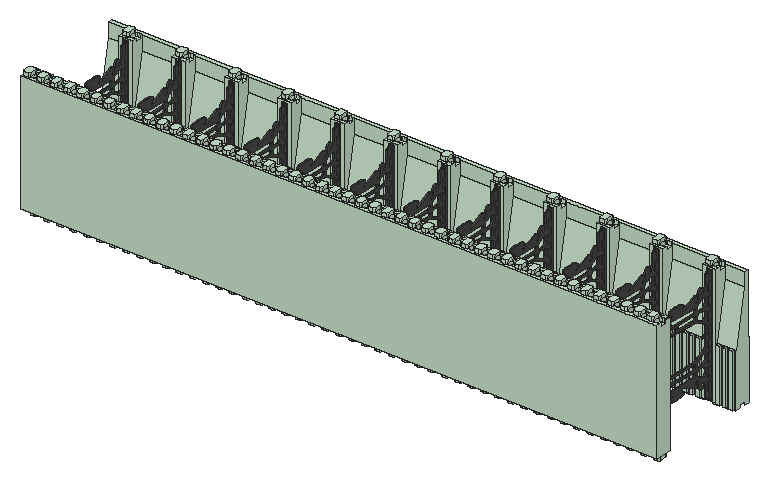
Revit family (continued)
Forms (in)
  Extrusion 51, void
    sketch origin (86, 0, 0) x (-1, 0, 0) y (0, -1, 0)
      loop
        arc (1, -4.89808) -> (1.04785, -5.04517) -> (1.17308, -5.13595) r 0.25
        arc (1.17308, -5.13595) -> (1.5, -5.1875) -> (1.82692, -5.13595) r 1.0625
        arc (1.82692, -5.13595) -> (1.95215, -5.04517) -> (2, -4.89808) r 0.25
        line (2, -4.89808) -> (2, -3.97692)
        arc (2, -3.97692) -> (1.98276, -3.88568) -> (1.9334, -3.80702) r 0.25
        arc (1.9334, -3.80702) -> (1.92106, -3.78736) -> (1.91675, -3.76455) r 0.0625
        line (1.91675, -3.76455) -> (1.91675, -3.41845) -> (1.74592, -3.41845) -> (1.74592, -3.64005)
        arc (1.74592, -3.64005) -> (1.72385, -3.68771) -> (1.67323, -3.70172) r 0.0625
        arc (1.67323, -3.70172) -> (1.42092, -3.69045) -> (1.17308, -3.73905) r 1.0625
        arc (1.17308, -3.73905) -> (1.04785, -3.82983) -> (1, -3.97692) r 0.25
        line (1, -3.97692) -> (1, -4.89808)
    from 18 to 17.5
  Extrusion 52, void
    sketch origin (78, 0, 0) x (-1, 0, 0) y (0, -1, 0)
      loop
        arc (1, -4.89808) -> (1.04785, -5.04517) -> (1.17308, -5.13595) r 0.25
        arc (1.17308, -5.13595) -> (1.5, -5.1875) -> (1.82692, -5.13595) r 1.0625
        arc (1.82692, -5.13595) -> (1.95215, -5.04517) -> (2, -4.89808) r 0.25
        line (2, -4.89808) -> (2, -3.97692)
        arc (2, -3.97692) -> (1.98276, -3.88568) -> (1.9334, -3.80702) r 0.25
        arc (1.9334, -3.80702) -> (1.92106, -3.78736) -> (1.91675, -3.76455) r 0.0625
        line (1.91675, -3.76455) -> (1.91675, -3.41845) -> (1.74592, -3.41845) -> (1.74592, -3.64005)
        arc (1.74592, -3.64005) -> (1.72385, -3.68771) -> (1.67323, -3.70172) r 0.0625
        arc (1.67323, -3.70172) -> (1.42092, -3.69045) -> (1.17308, -3.73905) r 1.0625
        arc (1.17308, -3.73905) -> (1.04785, -3.82983) -> (1, -3.97692) r 0.25
        line (1, -3.97692) -> (1, -4.89808)
    from 18 to 17.5
  Extrusion 53, void
    sketch origin (70, 0, 0) x (-1, 0, 0) y (0, -1, 0)
      loop
        arc (1, -4.89808) -> (1.04785, -5.04517) -> (1.17308, -5.13595) r 0.25
        arc (1.17308, -5.13595) -> (1.5, -5.1875) -> (1.82692, -5.13595) r 1.0625
        arc (1.82692, -5.13595) -> (1.95215, -5.04517) -> (2, -4.89808) r 0.25
        line (2, -4.89808) -> (2, -3.97692)
        arc (2, -3.97692) -> (1.98276, -3.88568) -> (1.9334, -3.80702) r 0.25
        arc (1.9334, -3.80702) -> (1.92106, -3.78736) -> (1.91675, -3.76455) r 0.0625
        line (1.91675, -3.76455) -> (1.91675, -3.41845) -> (1.74592, -3.41845) -> (1.74592, -3.64005)
        arc (1.74592, -3.64005) -> (1.72385, -3.68771) -> (1.67323, -3.70172) r 0.0625
        arc (1.67323, -3.70172) -> (1.42092, -3.69045) -> (1.17308, -3.73905) r 1.0625
        arc (1.17308, -3.73905) -> (1.04785, -3.82983) -> (1, -3.97692) r 0.25
        line (1, -3.97692) -> (1, -4.89808)
    from 18 to 17.5
  Extrusion 54, void
    sketch origin (62, 0, 0) x (-1, 0, 0) y (0, -1, 0)
      loop
        arc (1, -4.89808) -> (1.04785, -5.04517) -> (1.17308, -5.13595) r 0.25
        arc (1.17308, -5.13595) -> (1.5, -5.1875) -> (1.82692, -5.13595) r 1.0625
        arc (1.82692, -5.13595) -> (1.95215, -5.04517) -> (2, -4.89808) r 0.25
        line (2, -4.89808) -> (2, -3.97692)
        arc (2, -3.97692) -> (1.98276, -3.88568) -> (1.9334, -3.80702) r 0.25
        arc (1.9334, -3.80702) -> (1.92106, -3.78736) -> (1.91675, -3.76455) r 0.0625
        line (1.91675, -3.76455) -> (1.91675, -3.41845) -> (1.74592, -3.41845) -> (1.74592, -3.64005)
        arc (1.74592, -3.64005) -> (1.72385, -3.68771) -> (1.67323, -3.70172) r 0.0625
        arc (1.67323, -3.70172) -> (1.42092, -3.69045) -> (1.17308, -3.73905) r 1.0625
        arc (1.17308, -3.73905) -> (1.04785, -3.82983) -> (1, -3.97692) r 0.25
        line (1, -3.97692) -> (1, -4.89808)
    from 18 to 17.5
  Extrusion 55, void
    sketch origin (54, 0, 0) x (-1, 0, 0) y (0, -1, 0)
      loop
        arc (1, -4.89808) -> (1.04785, -5.04517) -> (1.17308, -5.13595) r 0.25
        arc (1.17308, -5.13595) -> (1.5, -5.1875) -> (1.82692, -5.13595) r 1.0625
        arc (1.82692, -5.13595) -> (1.95215, -5.04517) -> (2, -4.89808) r 0.25
        line (2, -4.89808) -> (2, -3.97692)
        arc (2, -3.97692) -> (1.98276, -3.88568) -> (1.9334, -3.80702) r 0.25
        arc (1.9334, -3.80702) -> (1.92106, -3.78736) -> (1.91675, -3.76455) r 0.0625
        line (1.91675, -3.76455) -> (1.91675, -3.41845) -> (1.74592, -3.41845) -> (1.74592, -3.64005)
        arc (1.74592, -3.64005) -> (1.72385, -3.68771) -> (1.67323, -3.70172) r 0.0625
        arc (1.67323, -3.70172) -> (1.42092, -3.69045) -> (1.17308, -3.73905) r 1.0625
        arc (1.17308, -3.73905) -> (1.04785, -3.82983) -> (1, -3.97692) r 0.25
        line (1, -3.97692) -> (1, -4.89808)
    from 18 to 17.5
  Extrusion 56, void
    sketch origin (46, 0, 0) x (-1, 0, 0) y (0, -1, 0)
      loop
        arc (1, -4.89808) -> (1.04785, -5.04517) -> (1.17308, -5.13595) r 0.25
        arc (1.17308, -5.13595) -> (1.5, -5.1875) -> (1.82692, -5.13595) r 1.0625
        arc (1.82692, -5.13595) -> (1.95215, -5.04517) -> (2, -4.89808) r 0.25
        line (2, -4.89808) -> (2, -3.97692)
        arc (2, -3.97692) -> (1.98276, -3.88568) -> (1.9334, -3.80702) r 0.25
        arc (1.9334, -3.80702) -> (1.92106, -3.78736) -> (1.91675, -3.76455) r 0.0625
        line (1.91675, -3.76455) -> (1.91675, -3.41845) -> (1.74592, -3.41845) -> (1.74592, -3.64005)
        arc (1.74592, -3.64005) -> (1.72385, -3.68771) -> (1.67323, -3.70172) r 0.0625
        arc (1.67323, -3.70172) -> (1.42092, -3.69045) -> (1.17308, -3.73905) r 1.0625
        arc (1.17308, -3.73905) -> (1.04785, -3.82983) -> (1, -3.97692) r 0.25
        line (1, -3.97692) -> (1, -4.89808)
    from 18 to 17.5
  Extrusion 57, void
    sketch origin (38, 0, 0) x (-1, 0, 0) y (0, -1, 0)
      loop
        arc (1, -4.89808) -> (1.04785, -5.04517) -> (1.17308, -5.13595) r 0.25
        arc (1.17308, -5.13595) -> (1.5, -5.1875) -> (1.82692, -5.13595) r 1.0625
        arc (1.82692, -5.13595) -> (1.95215, -5.04517) -> (2, -4.89808) r 0.25
        line (2, -4.89808) -> (2, -3.97692)
        arc (2, -3.97692) -> (1.98276, -3.88568) -> (1.9334, -3.80702) r 0.25
        arc (1.9334, -3.80702) -> (1.92106, -3.78736) -> (1.91675, -3.76455) r 0.0625
        line (1.91675, -3.76455) -> (1.91675, -3.41845) -> (1.74592, -3.41845) -> (1.74592, -3.64005)
        arc (1.74592, -3.64005) -> (1.72385, -3.68771) -> (1.67323, -3.70172) r 0.0625
        arc (1.67323, -3.70172) -> (1.42092, -3.69045) -> (1.17308, -3.73905) r 1.0625
        arc (1.17308, -3.73905) -> (1.04785, -3.82983) -> (1, -3.97692) r 0.25
        line (1, -3.97692) -> (1, -4.89808)
    from 18 to 17.5
  Extrusion 58, void
    sketch origin (30, 0, 0) x (-1, 0, 0) y (0, -1, 0)
      loop
        arc (1, -4.89808) -> (1.04785, -5.04517) -> (1.17308, -5.13595) r 0.25
        arc (1.17308, -5.13595) -> (1.5, -5.1875) -> (1.82692, -5.13595) r 1.0625
        arc (1.82692, -5.13595) -> (1.95215, -5.04517) -> (2, -4.89808) r 0.25
        line (2, -4.89808) -> (2, -3.97692)
        arc (2, -3.97692) -> (1.98276, -3.88568) -> (1.9334, -3.80702) r 0.25
        arc (1.9334, -3.80702) -> (1.92106, -3.78736) -> (1.91675, -3.76455) r 0.0625
        line (1.91675, -3.76455) -> (1.91675, -3.41845) -> (1.74592, -3.41845) -> (1.74592, -3.64005)
        arc (1.74592, -3.64005) -> (1.72385, -3.68771) -> (1.67323, -3.70172) r 0.0625
        arc (1.67323, -3.70172) -> (1.42092, -3.69045) -> (1.17308, -3.73905) r 1.0625
        arc (1.17308, -3.73905) -> (1.04785, -3.82983) -> (1, -3.97692) r 0.25
        line (1, -3.97692) -> (1, -4.89808)
    from 18 to 17.5
  Extrusion 59, void
    sketch origin (22, 0, 0) x (-1, 0, 0) y (0, -1, 0)
      loop
        arc (1, -4.89808) -> (1.04785, -5.04517) -> (1.17308, -5.13595) r 0.25
        arc (1.17308, -5.13595) -> (1.5, -5.1875) -> (1.82692, -5.13595) r 1.0625
        arc (1.82692, -5.13595) -> (1.95215, -5.04517) -> (2, -4.89808) r 0.25
        line (2, -4.89808) -> (2, -3.97692)
        arc (2, -3.97692) -> (1.98276, -3.88568) -> (1.9334, -3.80702) r 0.25
        arc (1.9334, -3.80702) -> (1.92106, -3.78736) -> (1.91675, -3.76455) r 0.0625
        line (1.91675, -3.76455) -> (1.91675, -3.41845) -> (1.74592, -3.41845) -> (1.74592, -3.64005)
        arc (1.74592, -3.64005) -> (1.72385, -3.68771) -> (1.67323, -3.70172) r 0.0625
        arc (1.67323, -3.70172) -> (1.42092, -3.69045) -> (1.17308, -3.73905) r 1.0625
        arc (1.17308, -3.73905) -> (1.04785, -3.82983) -> (1, -3.97692) r 0.25
        line (1, -3.97692) -> (1, -4.89808)
    from 18 to 17.5
  Extrusion 60, void
    sketch origin (14, 0, 0) x (-1, 0, 0) y (0, -1, 0)
      loop
        arc (1, -4.89808) -> (1.04785, -5.04517) -> (1.17308, -5.13595) r 0.25
        arc (1.17308, -5.13595) -> (1.5, -5.1875) -> (1.82692, -5.13595) r 1.0625
        arc (1.82692, -5.13595) -> (1.95215, -5.04517) -> (2, -4.89808) r 0.25
        line (2, -4.89808) -> (2, -3.97692)
        arc (2, -3.97692) -> (1.98276, -3.88568) -> (1.9334, -3.80702) r 0.25
        arc (1.9334, -3.80702) -> (1.92106, -3.78736) -> (1.91675, -3.76455) r 0.0625
        line (1.91675, -3.76455) -> (1.91675, -3.41845) -> (1.74592, -3.41845) -> (1.74592, -3.64005)
        arc (1.74592, -3.64005) -> (1.72385, -3.68771) -> (1.67323, -3.70172) r 0.0625
        arc (1.67323, -3.70172) -> (1.42092, -3.69045) -> (1.17308, -3.73905) r 1.0625
        arc (1.17308, -3.73905) -> (1.04785, -3.82983) -> (1, -3.97692) r 0.25
        line (1, -3.97692) -> (1, -4.89808)
    from 18 to 17.5
  Extrusion 61, void
    sketch origin (6, 0, 0) x (-1, 0, 0) y (0, -1, 0)
      loop
        arc (1, -4.89808) -> (1.04785, -5.04517) -> (1.17308, -5.13595) r 0.25
        arc (1.17308, -5.13595) -> (1.5, -5.1875) -> (1.82692, -5.13595) r 1.0625
        arc (1.82692, -5.13595) -> (1.95215, -5.04517) -> (2, -4.89808) r 0.25
        line (2, -4.89808) -> (2, -3.97692)
        arc (2, -3.97692) -> (1.98276, -3.88568) -> (1.9334, -3.80702) r 0.25
        arc (1.9334, -3.80702) -> (1.92106, -3.78736) -> (1.91675, -3.76455) r 0.0625
        line (1.91675, -3.76455) -> (1.91675, -3.41845) -> (1.74592, -3.41845) -> (1.74592, -3.64005)
        arc (1.74592, -3.64005) -> (1.72385, -3.68771) -> (1.67323, -3.70172) r 0.0625
        arc (1.67323, -3.70172) -> (1.42092, -3.69045) -> (1.17308, -3.73905) r 1.0625
        arc (1.17308, -3.73905) -> (1.04785, -3.82983) -> (1, -3.97692) r 0.25
        line (1, -3.97692) -> (1, -4.89808)
    from 18 to 17.5
  Extrusion 62, void
    sketch origin (2, -6, 0) x (-1, 0, 0) y (0, -1, 0)
      loop
        line (1, 4.89808) -> (1, 3.97692)
        arc (1, 3.97692) -> (1.04785, 3.82983) -> (1.17308, 3.73905) r 0.25
        arc (1.17308, 3.73905) -> (1.42092, 3.69045) -> (1.67323, 3.70172) r 1.0625
        arc (1.67323, 3.70172) -> (1.72385, 3.68771) -> (1.74592, 3.64005) r 0.0625
        line (1.74592, 3.64005) -> (1.74592, 3.41845) -> (1.91675, 3.41845) -> (1.91675, 3.76455)
        arc (1.91675, 3.76455) -> (1.92106, 3.78736) -> (1.9334, 3.80702) r 0.0625
        arc (1.9334, 3.80702) -> (1.98276, 3.88568) -> (2, 3.97692) r 0.25
        line (2, 3.97692) -> (2, 4.89808)
        arc (2, 4.89808) -> (1.95215, 5.04517) -> (1.82692, 5.13595) r 0.25
        arc (1.82692, 5.13595) -> (1.5, 5.1875) -> (1.17308, 5.13595) r 1.0625
        arc (1.17308, 5.13595) -> (1.04785, 5.04517) -> (1, 4.89808) r 0.25
    from 0 to 0.5
  Extrusion 63, void
    sketch origin (4, -6, 0) x (-1, 0, 0) y (0, -1, 0)
      loop
        line (1, 4.89808) -> (1, 3.97692)
        arc (1, 3.97692) -> (1.04785, 3.82983) -> (1.17308, 3.73905) r 0.25
        arc (1.17308, 3.73905) -> (1.42092, 3.69045) -> (1.67323, 3.70172) r 1.0625
        arc (1.67323, 3.70172) -> (1.72385, 3.68771) -> (1.74592, 3.64005) r 0.0625
        line (1.74592, 3.64005) -> (1.74592, 3.41845) -> (1.91675, 3.41845) -> (1.91675, 3.76455)
        arc (1.91675, 3.76455) -> (1.92106, 3.78736) -> (1.9334, 3.80702) r 0.0625
        arc (1.9334, 3.80702) -> (1.98276, 3.88568) -> (2, 3.97692) r 0.25
        line (2, 3.97692) -> (2, 4.89808)
        arc (2, 4.89808) -> (1.95215, 5.04517) -> (1.82692, 5.13595) r 0.25
        arc (1.82692, 5.13595) -> (1.5, 5.1875) -> (1.17308, 5.13595) r 1.0625
        arc (1.17308, 5.13595) -> (1.04785, 5.04517) -> (1, 4.89808) r 0.25
    from 0 to 0.5
  Extrusion 64, void
    sketch origin (6, -6, 0) x (-1, 0, 0) y (0, -1, 0)
      loop
        line (1, 4.89808) -> (1, 3.97692)
        arc (1, 3.97692) -> (1.04785, 3.82983) -> (1.17308, 3.73905) r 0.25
        arc (1.17308, 3.73905) -> (1.42092, 3.69045) -> (1.67323, 3.70172) r 1.0625
        arc (1.67323, 3.70172) -> (1.72385, 3.68771) -> (1.74592, 3.64005) r 0.0625
        line (1.74592, 3.64005) -> (1.74592, 3.41845) -> (1.91675, 3.41845) -> (1.91675, 3.76455)
        arc (1.91675, 3.76455) -> (1.92106, 3.78736) -> (1.9334, 3.80702) r 0.0625
        arc (1.9334, 3.80702) -> (1.98276, 3.88568) -> (2, 3.97692) r 0.25
        line (2, 3.97692) -> (2, 4.89808)
        arc (2, 4.89808) -> (1.95215, 5.04517) -> (1.82692, 5.13595) r 0.25
        arc (1.82692, 5.13595) -> (1.5, 5.1875) -> (1.17308, 5.13595) r 1.0625
        arc (1.17308, 5.13595) -> (1.04785, 5.04517) -> (1, 4.89808) r 0.25
    from 0 to 0.5
  Extrusion 65, void
    sketch origin (8, -6, 0) x (-1, 0, 0) y (0, -1, 0)
      loop
        line (1, 4.89808) -> (1, 3.97692)
        arc (1, 3.97692) -> (1.04785, 3.82983) -> (1.17308, 3.73905) r 0.25
        arc (1.17308, 3.73905) -> (1.42092, 3.69045) -> (1.67323, 3.70172) r 1.0625
        arc (1.67323, 3.70172) -> (1.72385, 3.68771) -> (1.74592, 3.64005) r 0.0625
        line (1.74592, 3.64005) -> (1.74592, 3.41845) -> (1.91675, 3.41845) -> (1.91675, 3.76455)
        arc (1.91675, 3.76455) -> (1.92106, 3.78736) -> (1.9334, 3.80702) r 0.0625
        arc (1.9334, 3.80702) -> (1.98276, 3.88568) -> (2, 3.97692) r 0.25
        line (2, 3.97692) -> (2, 4.89808)
        arc (2, 4.89808) -> (1.95215, 5.04517) -> (1.82692, 5.13595) r 0.25
        arc (1.82692, 5.13595) -> (1.5, 5.1875) -> (1.17308, 5.13595) r 1.0625
        arc (1.17308, 5.13595) -> (1.04785, 5.04517) -> (1, 4.89808) r 0.25
    from 0 to 0.5
  Extrusion 66, void
    sketch origin (10, -6, 0) x (-1, 0, 0) y (0, -1, 0)
      loop
        line (1, 4.89808) -> (1, 3.97692)
        arc (1, 3.97692) -> (1.04785, 3.82983) -> (1.17308, 3.73905) r 0.25
        arc (1.17308, 3.73905) -> (1.42092, 3.69045) -> (1.67323, 3.70172) r 1.0625
        arc (1.67323, 3.70172) -> (1.72385, 3.68771) -> (1.74592, 3.64005) r 0.0625
        line (1.74592, 3.64005) -> (1.74592, 3.41845) -> (1.91675, 3.41845) -> (1.91675, 3.76455)
        arc (1.91675, 3.76455) -> (1.92106, 3.78736) -> (1.9334, 3.80702) r 0.0625
        arc (1.9334, 3.80702) -> (1.98276, 3.88568) -> (2, 3.97692) r 0.25
        line (2, 3.97692) -> (2, 4.89808)
        arc (2, 4.89808) -> (1.95215, 5.04517) -> (1.82692, 5.13595) r 0.25
        arc (1.82692, 5.13595) -> (1.5, 5.1875) -> (1.17308, 5.13595) r 1.0625
        arc (1.17308, 5.13595) -> (1.04785, 5.04517) -> (1, 4.89808) r 0.25
    from 0 to 0.5
  Extrusion 67, void
    sketch origin (12, -6, 0) x (-1, 0, 0) y (0, -1, 0)
      loop
        line (1, 4.89808) -> (1, 3.97692)
        arc (1, 3.97692) -> (1.04785, 3.82983) -> (1.17308, 3.73905) r 0.25
        arc (1.17308, 3.73905) -> (1.42092, 3.69045) -> (1.67323, 3.70172) r 1.0625
        arc (1.67323, 3.70172) -> (1.72385, 3.68771) -> (1.74592, 3.64005) r 0.0625
        line (1.74592, 3.64005) -> (1.74592, 3.41845) -> (1.91675, 3.41845) -> (1.91675, 3.76455)
        arc (1.91675, 3.76455) -> (1.92106, 3.78736) -> (1.9334, 3.80702) r 0.0625
        arc (1.9334, 3.80702) -> (1.98276, 3.88568) -> (2, 3.97692) r 0.25
        line (2, 3.97692) -> (2, 4.89808)
        arc (2, 4.89808) -> (1.95215, 5.04517) -> (1.82692, 5.13595) r 0.25
        arc (1.82692, 5.13595) -> (1.5, 5.1875) -> (1.17308, 5.13595) r 1.0625
        arc (1.17308, 5.13595) -> (1.04785, 5.04517) -> (1, 4.89808) r 0.25
    from 0 to 0.5
  Extrusion 68, void
    sketch origin (14, -6, 0) x (-1, 0, 0) y (0, -1, 0)
      loop
        line (1, 4.89808) -> (1, 3.97692)
        arc (1, 3.97692) -> (1.04785, 3.82983) -> (1.17308, 3.73905) r 0.25
        arc (1.17308, 3.73905) -> (1.42092, 3.69045) -> (1.67323, 3.70172) r 1.0625
        arc (1.67323, 3.70172) -> (1.72385, 3.68771) -> (1.74592, 3.64005) r 0.0625
        line (1.74592, 3.64005) -> (1.74592, 3.41845) -> (1.91675, 3.41845) -> (1.91675, 3.76455)
        arc (1.91675, 3.76455) -> (1.92106, 3.78736) -> (1.9334, 3.80702) r 0.0625
        arc (1.9334, 3.80702) -> (1.98276, 3.88568) -> (2, 3.97692) r 0.25
        line (2, 3.97692) -> (2, 4.89808)
        arc (2, 4.89808) -> (1.95215, 5.04517) -> (1.82692, 5.13595) r 0.25
        arc (1.82692, 5.13595) -> (1.5, 5.1875) -> (1.17308, 5.13595) r 1.0625
        arc (1.17308, 5.13595) -> (1.04785, 5.04517) -> (1, 4.89808) r 0.25
    from 0 to 0.5
  Extrusion 69, void
    sketch origin (16, -6, 0) x (-1, 0, 0) y (0, -1, 0)
      loop
        line (1, 4.89808) -> (1, 3.97692)
        arc (1, 3.97692) -> (1.04785, 3.82983) -> (1.17308, 3.73905) r 0.25
        arc (1.17308, 3.73905) -> (1.42092, 3.69045) -> (1.67323, 3.70172) r 1.0625
        arc (1.67323, 3.70172) -> (1.72385, 3.68771) -> (1.74592, 3.64005) r 0.0625
        line (1.74592, 3.64005) -> (1.74592, 3.41845) -> (1.91675, 3.41845) -> (1.91675, 3.76455)
        arc (1.91675, 3.76455) -> (1.92106, 3.78736) -> (1.9334, 3.80702) r 0.0625
        arc (1.9334, 3.80702) -> (1.98276, 3.88568) -> (2, 3.97692) r 0.25
        line (2, 3.97692) -> (2, 4.89808)
        arc (2, 4.89808) -> (1.95215, 5.04517) -> (1.82692, 5.13595) r 0.25
        arc (1.82692, 5.13595) -> (1.5, 5.1875) -> (1.17308, 5.13595) r 1.0625
        arc (1.17308, 5.13595) -> (1.04785, 5.04517) -> (1, 4.89808) r 0.25
    from 0 to 0.5
  Extrusion 70, void
    sketch origin (18, -6, 0) x (-1, 0, 0) y (0, -1, 0)
      loop
        line (1, 4.89808) -> (1, 3.97692)
        arc (1, 3.97692) -> (1.04785, 3.82983) -> (1.17308, 3.73905) r 0.25
        arc (1.17308, 3.73905) -> (1.42092, 3.69045) -> (1.67323, 3.70172) r 1.0625
        arc (1.67323, 3.70172) -> (1.72385, 3.68771) -> (1.74592, 3.64005) r 0.0625
        line (1.74592, 3.64005) -> (1.74592, 3.41845) -> (1.91675, 3.41845) -> (1.91675, 3.76455)
        arc (1.91675, 3.76455) -> (1.92106, 3.78736) -> (1.9334, 3.80702) r 0.0625
        arc (1.9334, 3.80702) -> (1.98276, 3.88568) -> (2, 3.97692) r 0.25
        line (2, 3.97692) -> (2, 4.89808)
        arc (2, 4.89808) -> (1.95215, 5.04517) -> (1.82692, 5.13595) r 0.25
        arc (1.82692, 5.13595) -> (1.5, 5.1875) -> (1.17308, 5.13595) r 1.0625
        arc (1.17308, 5.13595) -> (1.04785, 5.04517) -> (1, 4.89808) r 0.25
    from 0 to 0.5
  Extrusion 71, void
    sketch origin (20, -6, 0) x (-1, 0, 0) y (0, -1, 0)
      loop
        line (1, 4.89808) -> (1, 3.97692)
        arc (1, 3.97692) -> (1.04785, 3.82983) -> (1.17308, 3.73905) r 0.25
        arc (1.17308, 3.73905) -> (1.42092, 3.69045) -> (1.67323, 3.70172) r 1.0625
        arc (1.67323, 3.70172) -> (1.72385, 3.68771) -> (1.74592, 3.64005) r 0.0625
        line (1.74592, 3.64005) -> (1.74592, 3.41845) -> (1.91675, 3.41845) -> (1.91675, 3.76455)
        arc (1.91675, 3.76455) -> (1.92106, 3.78736) -> (1.9334, 3.80702) r 0.0625
        arc (1.9334, 3.80702) -> (1.98276, 3.88568) -> (2, 3.97692) r 0.25
        line (2, 3.97692) -> (2, 4.89808)
        arc (2, 4.89808) -> (1.95215, 5.04517) -> (1.82692, 5.13595) r 0.25
        arc (1.82692, 5.13595) -> (1.5, 5.1875) -> (1.17308, 5.13595) r 1.0625
        arc (1.17308, 5.13595) -> (1.04785, 5.04517) -> (1, 4.89808) r 0.25
    from 0 to 0.5
  Extrusion 72, void
    sketch origin (22, -6, 0) x (-1, 0, 0) y (0, -1, 0)
      loop
        line (1, 4.89808) -> (1, 3.97692)
        arc (1, 3.97692) -> (1.04785, 3.82983) -> (1.17308, 3.73905) r 0.25
        arc (1.17308, 3.73905) -> (1.42092, 3.69045) -> (1.67323, 3.70172) r 1.0625
        arc (1.67323, 3.70172) -> (1.72385, 3.68771) -> (1.74592, 3.64005) r 0.0625
        line (1.74592, 3.64005) -> (1.74592, 3.41845) -> (1.91675, 3.41845) -> (1.91675, 3.76455)
        arc (1.91675, 3.76455) -> (1.92106, 3.78736) -> (1.9334, 3.80702) r 0.0625
        arc (1.9334, 3.80702) -> (1.98276, 3.88568) -> (2, 3.97692) r 0.25
        line (2, 3.97692) -> (2, 4.89808)
        arc (2, 4.89808) -> (1.95215, 5.04517) -> (1.82692, 5.13595) r 0.25
        arc (1.82692, 5.13595) -> (1.5, 5.1875) -> (1.17308, 5.13595) r 1.0625
        arc (1.17308, 5.13595) -> (1.04785, 5.04517) -> (1, 4.89808) r 0.25
    from 0 to 0.5
  Extrusion 73, void
    sketch origin (24, -6, 0) x (-1, 0, 0) y (0, -1, 0)
      loop
        line (1, 4.89808) -> (1, 3.97692)
        arc (1, 3.97692) -> (1.04785, 3.82983) -> (1.17308, 3.73905) r 0.25
        arc (1.17308, 3.73905) -> (1.42092, 3.69045) -> (1.67323, 3.70172) r 1.0625
        arc (1.67323, 3.70172) -> (1.72385, 3.68771) -> (1.74592, 3.64005) r 0.0625
        line (1.74592, 3.64005) -> (1.74592, 3.41845) -> (1.91675, 3.41845) -> (1.91675, 3.76455)
        arc (1.91675, 3.76455) -> (1.92106, 3.78736) -> (1.9334, 3.80702) r 0.0625
        arc (1.9334, 3.80702) -> (1.98276, 3.88568) -> (2, 3.97692) r 0.25
        line (2, 3.97692) -> (2, 4.89808)
        arc (2, 4.89808) -> (1.95215, 5.04517) -> (1.82692, 5.13595) r 0.25
        arc (1.82692, 5.13595) -> (1.5, 5.1875) -> (1.17308, 5.13595) r 1.0625
        arc (1.17308, 5.13595) -> (1.04785, 5.04517) -> (1, 4.89808) r 0.25
    from 0 to 0.5
  Extrusion 74, void
    sketch origin (26, -6, 0) x (-1, 0, 0) y (0, -1, 0)
      loop
        line (1, 4.89808) -> (1, 3.97692)
        arc (1, 3.97692) -> (1.04785, 3.82983) -> (1.17308, 3.73905) r 0.25
        arc (1.17308, 3.73905) -> (1.42092, 3.69045) -> (1.67323, 3.70172) r 1.0625
        arc (1.67323, 3.70172) -> (1.72385, 3.68771) -> (1.74592, 3.64005) r 0.0625
        line (1.74592, 3.64005) -> (1.74592, 3.41845) -> (1.91675, 3.41845) -> (1.91675, 3.76455)
        arc (1.91675, 3.76455) -> (1.92106, 3.78736) -> (1.9334, 3.80702) r 0.0625
        arc (1.9334, 3.80702) -> (1.98276, 3.88568) -> (2, 3.97692) r 0.25
        line (2, 3.97692) -> (2, 4.89808)
        arc (2, 4.89808) -> (1.95215, 5.04517) -> (1.82692, 5.13595) r 0.25
        arc (1.82692, 5.13595) -> (1.5, 5.1875) -> (1.17308, 5.13595) r 1.0625
        arc (1.17308, 5.13595) -> (1.04785, 5.04517) -> (1, 4.89808) r 0.25
    from 0 to 0.5
  Extrusion 75, void
    sketch origin (28, -6, 0) x (-1, 0, 0) y (0, -1, 0)
      loop
        line (1, 4.89808) -> (1, 3.97692)
        arc (1, 3.97692) -> (1.04785, 3.82983) -> (1.17308, 3.73905) r 0.25
        arc (1.17308, 3.73905) -> (1.42092, 3.69045) -> (1.67323, 3.70172) r 1.0625
        arc (1.67323, 3.70172) -> (1.72385, 3.68771) -> (1.74592, 3.64005) r 0.0625
        line (1.74592, 3.64005) -> (1.74592, 3.41845) -> (1.91675, 3.41845) -> (1.91675, 3.76455)
        arc (1.91675, 3.76455) -> (1.92106, 3.78736) -> (1.9334, 3.80702) r 0.0625
        arc (1.9334, 3.80702) -> (1.98276, 3.88568) -> (2, 3.97692) r 0.25
        line (2, 3.97692) -> (2, 4.89808)
        arc (2, 4.89808) -> (1.95215, 5.04517) -> (1.82692, 5.13595) r 0.25
        arc (1.82692, 5.13595) -> (1.5, 5.1875) -> (1.17308, 5.13595) r 1.0625
        arc (1.17308, 5.13595) -> (1.04785, 5.04517) -> (1, 4.89808) r 0.25
    from 0 to 0.5
  Extrusion 76, void
    sketch origin (30, -6, 0) x (-1, 0, 0) y (0, -1, 0)
      loop
        line (1, 4.89808) -> (1, 3.97692)
        arc (1, 3.97692) -> (1.04785, 3.82983) -> (1.17308, 3.73905) r 0.25
        arc (1.17308, 3.73905) -> (1.42092, 3.69045) -> (1.67323, 3.70172) r 1.0625
        arc (1.67323, 3.70172) -> (1.72385, 3.68771) -> (1.74592, 3.64005) r 0.0625
        line (1.74592, 3.64005) -> (1.74592, 3.41845) -> (1.91675, 3.41845) -> (1.91675, 3.76455)
        arc (1.91675, 3.76455) -> (1.92106, 3.78736) -> (1.9334, 3.80702) r 0.0625
        arc (1.9334, 3.80702) -> (1.98276, 3.88568) -> (2, 3.97692) r 0.25
        line (2, 3.97692) -> (2, 4.89808)
        arc (2, 4.89808) -> (1.95215, 5.04517) -> (1.82692, 5.13595) r 0.25
        arc (1.82692, 5.13595) -> (1.5, 5.1875) -> (1.17308, 5.13595) r 1.0625
        arc (1.17308, 5.13595) -> (1.04785, 5.04517) -> (1, 4.89808) r 0.25
    from 0 to 0.5
  Extrusion 77, void
    sketch origin (32, -6, 0) x (-1, 0, 0) y (0, -1, 0)
      loop
        line (1, 4.89808) -> (1, 3.97692)
        arc (1, 3.97692) -> (1.04785, 3.82983) -> (1.17308, 3.73905) r 0.25
        arc (1.17308, 3.73905) -> (1.42092, 3.69045) -> (1.67323, 3.70172) r 1.0625
        arc (1.67323, 3.70172) -> (1.72385, 3.68771) -> (1.74592, 3.64005) r 0.0625
        line (1.74592, 3.64005) -> (1.74592, 3.41845) -> (1.91675, 3.41845) -> (1.91675, 3.76455)
        arc (1.91675, 3.76455) -> (1.92106, 3.78736) -> (1.9334, 3.80702) r 0.0625
        arc (1.9334, 3.80702) -> (1.98276, 3.88568) -> (2, 3.97692) r 0.25
        line (2, 3.97692) -> (2, 4.89808)
        arc (2, 4.89808) -> (1.95215, 5.04517) -> (1.82692, 5.13595) r 0.25
        arc (1.82692, 5.13595) -> (1.5, 5.1875) -> (1.17308, 5.13595) r 1.0625
        arc (1.17308, 5.13595) -> (1.04785, 5.04517) -> (1, 4.89808) r 0.25
    from 0 to 0.5
  Extrusion 78, void
    sketch origin (34, -6, 0) x (-1, 0, 0) y (0, -1, 0)
      loop
        line (1, 4.89808) -> (1, 3.97692)
        arc (1, 3.97692) -> (1.04785, 3.82983) -> (1.17308, 3.73905) r 0.25
        arc (1.17308, 3.73905) -> (1.42092, 3.69045) -> (1.67323, 3.70172) r 1.0625
        arc (1.67323, 3.70172) -> (1.72385, 3.68771) -> (1.74592, 3.64005) r 0.0625
        line (1.74592, 3.64005) -> (1.74592, 3.41845) -> (1.91675, 3.41845) -> (1.91675, 3.76455)
        arc (1.91675, 3.76455) -> (1.92106, 3.78736) -> (1.9334, 3.80702) r 0.0625
        arc (1.9334, 3.80702) -> (1.98276, 3.88568) -> (2, 3.97692) r 0.25
        line (2, 3.97692) -> (2, 4.89808)
        arc (2, 4.89808) -> (1.95215, 5.04517) -> (1.82692, 5.13595) r 0.25
        arc (1.82692, 5.13595) -> (1.5, 5.1875) -> (1.17308, 5.13595) r 1.0625
        arc (1.17308, 5.13595) -> (1.04785, 5.04517) -> (1, 4.89808) r 0.25
    from 0 to 0.5
  Extrusion 79, void
    sketch origin (36, -6, 0) x (-1, 0, 0) y (0, -1, 0)
      loop
        line (1, 4.89808) -> (1, 3.97692)
        arc (1, 3.97692) -> (1.04785, 3.82983) -> (1.17308, 3.73905) r 0.25
        arc (1.17308, 3.73905) -> (1.42092, 3.69045) -> (1.67323, 3.70172) r 1.0625
        arc (1.67323, 3.70172) -> (1.72385, 3.68771) -> (1.74592, 3.64005) r 0.0625
        line (1.74592, 3.64005) -> (1.74592, 3.41845) -> (1.91675, 3.41845) -> (1.91675, 3.76455)
        arc (1.91675, 3.76455) -> (1.92106, 3.78736) -> (1.9334, 3.80702) r 0.0625
        arc (1.9334, 3.80702) -> (1.98276, 3.88568) -> (2, 3.97692) r 0.25
        line (2, 3.97692) -> (2, 4.89808)
        arc (2, 4.89808) -> (1.95215, 5.04517) -> (1.82692, 5.13595) r 0.25
        arc (1.82692, 5.13595) -> (1.5, 5.1875) -> (1.17308, 5.13595) r 1.0625
        arc (1.17308, 5.13595) -> (1.04785, 5.04517) -> (1, 4.89808) r 0.25
    from 0 to 0.5
  Extrusion 80, void
    sketch origin (38, -6, 0) x (-1, 0, 0) y (0, -1, 0)
      loop
        line (1, 4.89808) -> (1, 3.97692)
        arc (1, 3.97692) -> (1.04785, 3.82983) -> (1.17308, 3.73905) r 0.25
        arc (1.17308, 3.73905) -> (1.42092, 3.69045) -> (1.67323, 3.70172) r 1.0625
        arc (1.67323, 3.70172) -> (1.72385, 3.68771) -> (1.74592, 3.64005) r 0.0625
        line (1.74592, 3.64005) -> (1.74592, 3.41845) -> (1.91675, 3.41845) -> (1.91675, 3.76455)
        arc (1.91675, 3.76455) -> (1.92106, 3.78736) -> (1.9334, 3.80702) r 0.0625
        arc (1.9334, 3.80702) -> (1.98276, 3.88568) -> (2, 3.97692) r 0.25
        line (2, 3.97692) -> (2, 4.89808)
        arc (2, 4.89808) -> (1.95215, 5.04517) -> (1.82692, 5.13595) r 0.25
        arc (1.82692, 5.13595) -> (1.5, 5.1875) -> (1.17308, 5.13595) r 1.0625
        arc (1.17308, 5.13595) -> (1.04785, 5.04517) -> (1, 4.89808) r 0.25
    from 0 to 0.5
  Extrusion 81, void
    sketch origin (40, -6, 0) x (-1, 0, 0) y (0, -1, 0)
      loop
        line (1, 4.89808) -> (1, 3.97692)
        arc (1, 3.97692) -> (1.04785, 3.82983) -> (1.17308, 3.73905) r 0.25
        arc (1.17308, 3.73905) -> (1.42092, 3.69045) -> (1.67323, 3.70172) r 1.0625
        arc (1.67323, 3.70172) -> (1.72385, 3.68771) -> (1.74592, 3.64005) r 0.0625
        line (1.74592, 3.64005) -> (1.74592, 3.41845) -> (1.91675, 3.41845) -> (1.91675, 3.76455)
        arc (1.91675, 3.76455) -> (1.92106, 3.78736) -> (1.9334, 3.80702) r 0.0625
        arc (1.9334, 3.80702) -> (1.98276, 3.88568) -> (2, 3.97692) r 0.25
        line (2, 3.97692) -> (2, 4.89808)
        arc (2, 4.89808) -> (1.95215, 5.04517) -> (1.82692, 5.13595) r 0.25
        arc (1.82692, 5.13595) -> (1.5, 5.1875) -> (1.17308, 5.13595) r 1.0625
        arc (1.17308, 5.13595) -> (1.04785, 5.04517) -> (1, 4.89808) r 0.25
    from 0 to 0.5
  Extrusion 82, void
    sketch origin (42, -6, 0) x (-1, 0, 0) y (0, -1, 0)
      loop
        line (1, 4.89808) -> (1, 3.97692)
        arc (1, 3.97692) -> (1.04785, 3.82983) -> (1.17308, 3.73905) r 0.25
        arc (1.17308, 3.73905) -> (1.42092, 3.69045) -> (1.67323, 3.70172) r 1.0625
        arc (1.67323, 3.70172) -> (1.72385, 3.68771) -> (1.74592, 3.64005) r 0.0625
        line (1.74592, 3.64005) -> (1.74592, 3.41845) -> (1.91675, 3.41845) -> (1.91675, 3.76455)
        arc (1.91675, 3.76455) -> (1.92106, 3.78736) -> (1.9334, 3.80702) r 0.0625
        arc (1.9334, 3.80702) -> (1.98276, 3.88568) -> (2, 3.97692) r 0.25
        line (2, 3.97692) -> (2, 4.89808)
        arc (2, 4.89808) -> (1.95215, 5.04517) -> (1.82692, 5.13595) r 0.25
        arc (1.82692, 5.13595) -> (1.5, 5.1875) -> (1.17308, 5.13595) r 1.0625
        arc (1.17308, 5.13595) -> (1.04785, 5.04517) -> (1, 4.89808) r 0.25
    from 0 to 0.5
  Extrusion 83, void
    sketch origin (44, -6, 0) x (-1, 0, 0) y (0, -1, 0)
      loop
        line (1, 4.89808) -> (1, 3.97692)
        arc (1, 3.97692) -> (1.04785, 3.82983) -> (1.17308, 3.73905) r 0.25
        arc (1.17308, 3.73905) -> (1.42092, 3.69045) -> (1.67323, 3.70172) r 1.0625
        arc (1.67323, 3.70172) -> (1.72385, 3.68771) -> (1.74592, 3.64005) r 0.0625
        line (1.74592, 3.64005) -> (1.74592, 3.41845) -> (1.91675, 3.41845) -> (1.91675, 3.76455)
        arc (1.91675, 3.76455) -> (1.92106, 3.78736) -> (1.9334, 3.80702) r 0.0625
        arc (1.9334, 3.80702) -> (1.98276, 3.88568) -> (2, 3.97692) r 0.25
        line (2, 3.97692) -> (2, 4.89808)
        arc (2, 4.89808) -> (1.95215, 5.04517) -> (1.82692, 5.13595) r 0.25
        arc (1.82692, 5.13595) -> (1.5, 5.1875) -> (1.17308, 5.13595) r 1.0625
        arc (1.17308, 5.13595) -> (1.04785, 5.04517) -> (1, 4.89808) r 0.25
    from 0 to 0.5
  Extrusion 84, void
    sketch origin (46, -6, 0) x (-1, 0, 0) y (0, -1, 0)
      loop
        line (1, 4.89808) -> (1, 3.97692)
        arc (1, 3.97692) -> (1.04785, 3.82983) -> (1.17308, 3.73905) r 0.25
        arc (1.17308, 3.73905) -> (1.42092, 3.69045) -> (1.67323, 3.70172) r 1.0625
        arc (1.67323, 3.70172) -> (1.72385, 3.68771) -> (1.74592, 3.64005) r 0.0625
        line (1.74592, 3.64005) -> (1.74592, 3.41845) -> (1.91675, 3.41845) -> (1.91675, 3.76455)
        arc (1.91675, 3.76455) -> (1.92106, 3.78736) -> (1.9334, 3.80702) r 0.0625
        arc (1.9334, 3.80702) -> (1.98276, 3.88568) -> (2, 3.97692) r 0.25
        line (2, 3.97692) -> (2, 4.89808)
        arc (2, 4.89808) -> (1.95215, 5.04517) -> (1.82692, 5.13595) r 0.25
        arc (1.82692, 5.13595) -> (1.5, 5.1875) -> (1.17308, 5.13595) r 1.0625
        arc (1.17308, 5.13595) -> (1.04785, 5.04517) -> (1, 4.89808) r 0.25
    from 0 to 0.5
  Extrusion 85, void
    sketch origin (48, -6, 0) x (-1, 0, 0) y (0, -1, 0)
      loop
        line (1, 4.89808) -> (1, 3.97692)
        arc (1, 3.97692) -> (1.04785, 3.82983) -> (1.17308, 3.73905) r 0.25
        arc (1.17308, 3.73905) -> (1.42092, 3.69045) -> (1.67323, 3.70172) r 1.0625
        arc (1.67323, 3.70172) -> (1.72385, 3.68771) -> (1.74592, 3.64005) r 0.0625
        line (1.74592, 3.64005) -> (1.74592, 3.41845) -> (1.91675, 3.41845) -> (1.91675, 3.76455)
        arc (1.91675, 3.76455) -> (1.92106, 3.78736) -> (1.9334, 3.80702) r 0.0625
        arc (1.9334, 3.80702) -> (1.98276, 3.88568) -> (2, 3.97692) r 0.25
        line (2, 3.97692) -> (2, 4.89808)
        arc (2, 4.89808) -> (1.95215, 5.04517) -> (1.82692, 5.13595) r 0.25
        arc (1.82692, 5.13595) -> (1.5, 5.1875) -> (1.17308, 5.13595) r 1.0625
        arc (1.17308, 5.13595) -> (1.04785, 5.04517) -> (1, 4.89808) r 0.25
    from 0 to 0.5
  Extrusion 86, void
    sketch origin (50, -6, 0) x (-1, 0, 0) y (0, -1, 0)
      loop
        line (1, 4.89808) -> (1, 3.97692)
        arc (1, 3.97692) -> (1.04785, 3.82983) -> (1.17308, 3.73905) r 0.25
        arc (1.17308, 3.73905) -> (1.42092, 3.69045) -> (1.67323, 3.70172) r 1.0625
        arc (1.67323, 3.70172) -> (1.72385, 3.68771) -> (1.74592, 3.64005) r 0.0625
        line (1.74592, 3.64005) -> (1.74592, 3.41845) -> (1.91675, 3.41845) -> (1.91675, 3.76455)
        arc (1.91675, 3.76455) -> (1.92106, 3.78736) -> (1.9334, 3.80702) r 0.0625
        arc (1.9334, 3.80702) -> (1.98276, 3.88568) -> (2, 3.97692) r 0.25
        line (2, 3.97692) -> (2, 4.89808)
        arc (2, 4.89808) -> (1.95215, 5.04517) -> (1.82692, 5.13595) r 0.25
        arc (1.82692, 5.13595) -> (1.5, 5.1875) -> (1.17308, 5.13595) r 1.0625
        arc (1.17308, 5.13595) -> (1.04785, 5.04517) -> (1, 4.89808) r 0.25
    from 0 to 0.5
  Extrusion 87, void
    sketch origin (52, -6, 0) x (-1, 0, 0) y (0, -1, 0)
      loop
        line (1, 4.89808) -> (1, 3.97692)
        arc (1, 3.97692) -> (1.04785, 3.82983) -> (1.17308, 3.73905) r 0.25
        arc (1.17308, 3.73905) -> (1.42092, 3.69045) -> (1.67323, 3.70172) r 1.0625
        arc (1.67323, 3.70172) -> (1.72385, 3.68771) -> (1.74592, 3.64005) r 0.0625
        line (1.74592, 3.64005) -> (1.74592, 3.41845) -> (1.91675, 3.41845) -> (1.91675, 3.76455)
        arc (1.91675, 3.76455) -> (1.92106, 3.78736) -> (1.9334, 3.80702) r 0.0625
        arc (1.9334, 3.80702) -> (1.98276, 3.88568) -> (2, 3.97692) r 0.25
        line (2, 3.97692) -> (2, 4.89808)
        arc (2, 4.89808) -> (1.95215, 5.04517) -> (1.82692, 5.13595) r 0.25
        arc (1.82692, 5.13595) -> (1.5, 5.1875) -> (1.17308, 5.13595) r 1.0625
        arc (1.17308, 5.13595) -> (1.04785, 5.04517) -> (1, 4.89808) r 0.25
    from 0 to 0.5
  Extrusion 88, void
    sketch origin (54, -6, 0) x (-1, 0, 0) y (0, -1, 0)
      loop
        line (1, 4.89808) -> (1, 3.97692)
        arc (1, 3.97692) -> (1.04785, 3.82983) -> (1.17308, 3.73905) r 0.25
        arc (1.17308, 3.73905) -> (1.42092, 3.69045) -> (1.67323, 3.70172) r 1.0625
        arc (1.67323, 3.70172) -> (1.72385, 3.68771) -> (1.74592, 3.64005) r 0.0625
        line (1.74592, 3.64005) -> (1.74592, 3.41845) -> (1.91675, 3.41845) -> (1.91675, 3.76455)
        arc (1.91675, 3.76455) -> (1.92106, 3.78736) -> (1.9334, 3.80702) r 0.0625
        arc (1.9334, 3.80702) -> (1.98276, 3.88568) -> (2, 3.97692) r 0.25
        line (2, 3.97692) -> (2, 4.89808)
        arc (2, 4.89808) -> (1.95215, 5.04517) -> (1.82692, 5.13595) r 0.25
        arc (1.82692, 5.13595) -> (1.5, 5.1875) -> (1.17308, 5.13595) r 1.0625
        arc (1.17308, 5.13595) -> (1.04785, 5.04517) -> (1, 4.89808) r 0.25
    from 0 to 0.5
  Extrusion 89, void
    sketch origin (56, -6, 0) x (-1, 0, 0) y (0, -1, 0)
      loop
        line (1, 4.89808) -> (1, 3.97692)
        arc (1, 3.97692) -> (1.04785, 3.82983) -> (1.17308, 3.73905) r 0.25
        arc (1.17308, 3.73905) -> (1.42092, 3.69045) -> (1.67323, 3.70172) r 1.0625
        arc (1.67323, 3.70172) -> (1.72385, 3.68771) -> (1.74592, 3.64005) r 0.0625
        line (1.74592, 3.64005) -> (1.74592, 3.41845) -> (1.91675, 3.41845) -> (1.91675, 3.76455)
        arc (1.91675, 3.76455) -> (1.92106, 3.78736) -> (1.9334, 3.80702) r 0.0625
        arc (1.9334, 3.80702) -> (1.98276, 3.88568) -> (2, 3.97692) r 0.25
        line (2, 3.97692) -> (2, 4.89808)
        arc (2, 4.89808) -> (1.95215, 5.04517) -> (1.82692, 5.13595) r 0.25
        arc (1.82692, 5.13595) -> (1.5, 5.1875) -> (1.17308, 5.13595) r 1.0625
        arc (1.17308, 5.13595) -> (1.04785, 5.04517) -> (1, 4.89808) r 0.25
    from 0 to 0.5
  Extrusion 90, void
    sketch origin (58, -6, 0) x (-1, 0, 0) y (0, -1, 0)
      loop
        line (1, 4.89808) -> (1, 3.97692)
        arc (1, 3.97692) -> (1.04785, 3.82983) -> (1.17308, 3.73905) r 0.25
        arc (1.17308, 3.73905) -> (1.42092, 3.69045) -> (1.67323, 3.70172) r 1.0625
        arc (1.67323, 3.70172) -> (1.72385, 3.68771) -> (1.74592, 3.64005) r 0.0625
        line (1.74592, 3.64005) -> (1.74592, 3.41845) -> (1.91675, 3.41845) -> (1.91675, 3.76455)
        arc (1.91675, 3.76455) -> (1.92106, 3.78736) -> (1.9334, 3.80702) r 0.0625
        arc (1.9334, 3.80702) -> (1.98276, 3.88568) -> (2, 3.97692) r 0.25
        line (2, 3.97692) -> (2, 4.89808)
        arc (2, 4.89808) -> (1.95215, 5.04517) -> (1.82692, 5.13595) r 0.25
        arc (1.82692, 5.13595) -> (1.5, 5.1875) -> (1.17308, 5.13595) r 1.0625
        arc (1.17308, 5.13595) -> (1.04785, 5.04517) -> (1, 4.89808) r 0.25
    from 0 to 0.5
  Extrusion 91, void
    sketch origin (60, -6, 0) x (-1, 0, 0) y (0, -1, 0)
      loop
        line (1, 4.89808) -> (1, 3.97692)
        arc (1, 3.97692) -> (1.04785, 3.82983) -> (1.17308, 3.73905) r 0.25
        arc (1.17308, 3.73905) -> (1.42092, 3.69045) -> (1.67323, 3.70172) r 1.0625
        arc (1.67323, 3.70172) -> (1.72385, 3.68771) -> (1.74592, 3.64005) r 0.0625
        line (1.74592, 3.64005) -> (1.74592, 3.41845) -> (1.91675, 3.41845) -> (1.91675, 3.76455)
        arc (1.91675, 3.76455) -> (1.92106, 3.78736) -> (1.9334, 3.80702) r 0.0625
        arc (1.9334, 3.80702) -> (1.98276, 3.88568) -> (2, 3.97692) r 0.25
        line (2, 3.97692) -> (2, 4.89808)
        arc (2, 4.89808) -> (1.95215, 5.04517) -> (1.82692, 5.13595) r 0.25
        arc (1.82692, 5.13595) -> (1.5, 5.1875) -> (1.17308, 5.13595) r 1.0625
        arc (1.17308, 5.13595) -> (1.04785, 5.04517) -> (1, 4.89808) r 0.25
    from 0 to 0.5
  Extrusion 92, void
    sketch origin (62, -6, 0) x (-1, 0, 0) y (0, -1, 0)
      loop
        line (1, 4.89808) -> (1, 3.97692)
        arc (1, 3.97692) -> (1.04785, 3.82983) -> (1.17308, 3.73905) r 0.25
        arc (1.17308, 3.73905) -> (1.42092, 3.69045) -> (1.67323, 3.70172) r 1.0625
        arc (1.67323, 3.70172) -> (1.72385, 3.68771) -> (1.74592, 3.64005) r 0.0625
        line (1.74592, 3.64005) -> (1.74592, 3.41845) -> (1.91675, 3.41845) -> (1.91675, 3.76455)
        arc (1.91675, 3.76455) -> (1.92106, 3.78736) -> (1.9334, 3.80702) r 0.0625
        arc (1.9334, 3.80702) -> (1.98276, 3.88568) -> (2, 3.97692) r 0.25
        line (2, 3.97692) -> (2, 4.89808)
        arc (2, 4.89808) -> (1.95215, 5.04517) -> (1.82692, 5.13595) r 0.25
        arc (1.82692, 5.13595) -> (1.5, 5.1875) -> (1.17308, 5.13595) r 1.0625
        arc (1.17308, 5.13595) -> (1.04785, 5.04517) -> (1, 4.89808) r 0.25
    from 0 to 0.5
  Extrusion 93, void
    sketch origin (64, -6, 0) x (-1, 0, 0) y (0, -1, 0)
      loop
        line (1, 4.89808) -> (1, 3.97692)
        arc (1, 3.97692) -> (1.04785, 3.82983) -> (1.17308, 3.73905) r 0.25
        arc (1.17308, 3.73905) -> (1.42092, 3.69045) -> (1.67323, 3.70172) r 1.0625
        arc (1.67323, 3.70172) -> (1.72385, 3.68771) -> (1.74592, 3.64005) r 0.0625
        line (1.74592, 3.64005) -> (1.74592, 3.41845) -> (1.91675, 3.41845) -> (1.91675, 3.76455)
        arc (1.91675, 3.76455) -> (1.92106, 3.78736) -> (1.9334, 3.80702) r 0.0625
        arc (1.9334, 3.80702) -> (1.98276, 3.88568) -> (2, 3.97692) r 0.25
        line (2, 3.97692) -> (2, 4.89808)
        arc (2, 4.89808) -> (1.95215, 5.04517) -> (1.82692, 5.13595) r 0.25
        arc (1.82692, 5.13595) -> (1.5, 5.1875) -> (1.17308, 5.13595) r 1.0625
        arc (1.17308, 5.13595) -> (1.04785, 5.04517) -> (1, 4.89808) r 0.25
    from 0 to 0.5
  Extrusion 94, void
    sketch origin (66, -6, 0) x (-1, 0, 0) y (0, -1, 0)
      loop
        line (1, 4.89808) -> (1, 3.97692)
        arc (1, 3.97692) -> (1.04785, 3.82983) -> (1.17308, 3.73905) r 0.25
        arc (1.17308, 3.73905) -> (1.42092, 3.69045) -> (1.67323, 3.70172) r 1.0625
        arc (1.67323, 3.70172) -> (1.72385, 3.68771) -> (1.74592, 3.64005) r 0.0625
        line (1.74592, 3.64005) -> (1.74592, 3.41845) -> (1.91675, 3.41845) -> (1.91675, 3.76455)
        arc (1.91675, 3.76455) -> (1.92106, 3.78736) -> (1.9334, 3.80702) r 0.0625
        arc (1.9334, 3.80702) -> (1.98276, 3.88568) -> (2, 3.97692) r 0.25
        line (2, 3.97692) -> (2, 4.89808)
        arc (2, 4.89808) -> (1.95215, 5.04517) -> (1.82692, 5.13595) r 0.25
        arc (1.82692, 5.13595) -> (1.5, 5.1875) -> (1.17308, 5.13595) r 1.0625
        arc (1.17308, 5.13595) -> (1.04785, 5.04517) -> (1, 4.89808) r 0.25
    from 0 to 0.5
  Extrusion 95, void
    sketch origin (68, -6, 0) x (-1, 0, 0) y (0, -1, 0)
      loop
        line (1, 4.89808) -> (1, 3.97692)
        arc (1, 3.97692) -> (1.04785, 3.82983) -> (1.17308, 3.73905) r 0.25
        arc (1.17308, 3.73905) -> (1.42092, 3.69045) -> (1.67323, 3.70172) r 1.0625
        arc (1.67323, 3.70172) -> (1.72385, 3.68771) -> (1.74592, 3.64005) r 0.0625
        line (1.74592, 3.64005) -> (1.74592, 3.41845) -> (1.91675, 3.41845) -> (1.91675, 3.76455)
        arc (1.91675, 3.76455) -> (1.92106, 3.78736) -> (1.9334, 3.80702) r 0.0625
        arc (1.9334, 3.80702) -> (1.98276, 3.88568) -> (2, 3.97692) r 0.25
        line (2, 3.97692) -> (2, 4.89808)
        arc (2, 4.89808) -> (1.95215, 5.04517) -> (1.82692, 5.13595) r 0.25
        arc (1.82692, 5.13595) -> (1.5, 5.1875) -> (1.17308, 5.13595) r 1.0625
        arc (1.17308, 5.13595) -> (1.04785, 5.04517) -> (1, 4.89808) r 0.25
    from 0 to 0.5
  Extrusion 96, void
    sketch origin (70, -6, 0) x (-1, 0, 0) y (0, -1, 0)
      loop
        line (1, 4.89808) -> (1, 3.97692)
        arc (1, 3.97692) -> (1.04785, 3.82983) -> (1.17308, 3.73905) r 0.25
        arc (1.17308, 3.73905) -> (1.42092, 3.69045) -> (1.67323, 3.70172) r 1.0625
        arc (1.67323, 3.70172) -> (1.72385, 3.68771) -> (1.74592, 3.64005) r 0.0625
        line (1.74592, 3.64005) -> (1.74592, 3.41845) -> (1.91675, 3.41845) -> (1.91675, 3.76455)
        arc (1.91675, 3.76455) -> (1.92106, 3.78736) -> (1.9334, 3.80702) r 0.0625
        arc (1.9334, 3.80702) -> (1.98276, 3.88568) -> (2, 3.97692) r 0.25
        line (2, 3.97692) -> (2, 4.89808)
        arc (2, 4.89808) -> (1.95215, 5.04517) -> (1.82692, 5.13595) r 0.25
        arc (1.82692, 5.13595) -> (1.5, 5.1875) -> (1.17308, 5.13595) r 1.0625
        arc (1.17308, 5.13595) -> (1.04785, 5.04517) -> (1, 4.89808) r 0.25
    from 0 to 0.5
  Extrusion 97, void
    sketch origin (72, -6, 0) x (-1, 0, 0) y (0, -1, 0)
      loop
        line (1, 4.89808) -> (1, 3.97692)
        arc (1, 3.97692) -> (1.04785, 3.82983) -> (1.17308, 3.73905) r 0.25
        arc (1.17308, 3.73905) -> (1.42092, 3.69045) -> (1.67323, 3.70172) r 1.0625
        arc (1.67323, 3.70172) -> (1.72385, 3.68771) -> (1.74592, 3.64005) r 0.0625
        line (1.74592, 3.64005) -> (1.74592, 3.41845) -> (1.91675, 3.41845) -> (1.91675, 3.76455)
        arc (1.91675, 3.76455) -> (1.92106, 3.78736) -> (1.9334, 3.80702) r 0.0625
        arc (1.9334, 3.80702) -> (1.98276, 3.88568) -> (2, 3.97692) r 0.25
        line (2, 3.97692) -> (2, 4.89808)
        arc (2, 4.89808) -> (1.95215, 5.04517) -> (1.82692, 5.13595) r 0.25
        arc (1.82692, 5.13595) -> (1.5, 5.1875) -> (1.17308, 5.13595) r 1.0625
        arc (1.17308, 5.13595) -> (1.04785, 5.04517) -> (1, 4.89808) r 0.25
    from 0 to 0.5
  Extrusion 98, void
    sketch origin (74, -6, 0) x (-1, 0, 0) y (0, -1, 0)
      loop
        line (1, 4.89808) -> (1, 3.97692)
        arc (1, 3.97692) -> (1.04785, 3.82983) -> (1.17308, 3.73905) r 0.25
        arc (1.17308, 3.73905) -> (1.42092, 3.69045) -> (1.67323, 3.70172) r 1.0625
        arc (1.67323, 3.70172) -> (1.72385, 3.68771) -> (1.74592, 3.64005) r 0.0625
        line (1.74592, 3.64005) -> (1.74592, 3.41845) -> (1.91675, 3.41845) -> (1.91675, 3.76455)
        arc (1.91675, 3.76455) -> (1.92106, 3.78736) -> (1.9334, 3.80702) r 0.0625
        arc (1.9334, 3.80702) -> (1.98276, 3.88568) -> (2, 3.97692) r 0.25
        line (2, 3.97692) -> (2, 4.89808)
        arc (2, 4.89808) -> (1.95215, 5.04517) -> (1.82692, 5.13595) r 0.25
        arc (1.82692, 5.13595) -> (1.5, 5.1875) -> (1.17308, 5.13595) r 1.0625
        arc (1.17308, 5.13595) -> (1.04785, 5.04517) -> (1, 4.89808) r 0.25
    from 0 to 0.5
  Extrusion 99, void
    sketch origin (76, -6, 0) x (-1, 0, 0) y (0, -1, 0)
      loop
        line (1, 4.89808) -> (1, 3.97692)
        arc (1, 3.97692) -> (1.04785, 3.82983) -> (1.17308, 3.73905) r 0.25
        arc (1.17308, 3.73905) -> (1.42092, 3.69045) -> (1.67323, 3.70172) r 1.0625
        arc (1.67323, 3.70172) -> (1.72385, 3.68771) -> (1.74592, 3.64005) r 0.0625
        line (1.74592, 3.64005) -> (1.74592, 3.41845) -> (1.91675, 3.41845) -> (1.91675, 3.76455)
        arc (1.91675, 3.76455) -> (1.92106, 3.78736) -> (1.9334, 3.80702) r 0.0625
        arc (1.9334, 3.80702) -> (1.98276, 3.88568) -> (2, 3.97692) r 0.25
        line (2, 3.97692) -> (2, 4.89808)
        arc (2, 4.89808) -> (1.95215, 5.04517) -> (1.82692, 5.13595) r 0.25
        arc (1.82692, 5.13595) -> (1.5, 5.1875) -> (1.17308, 5.13595) r 1.0625
        arc (1.17308, 5.13595) -> (1.04785, 5.04517) -> (1, 4.89808) r 0.25
    from 0 to 0.5
  Extrusion 100, void
    sketch origin (78, -6, 0) x (-1, 0, 0) y (0, -1, 0)
      loop
        line (1, 4.89808) -> (1, 3.97692)
        arc (1, 3.97692) -> (1.04785, 3.82983) -> (1.17308, 3.73905) r 0.25
        arc (1.17308, 3.73905) -> (1.42092, 3.69045) -> (1.67323, 3.70172) r 1.0625
        arc (1.67323, 3.70172) -> (1.72385, 3.68771) -> (1.74592, 3.64005) r 0.0625
        line (1.74592, 3.64005) -> (1.74592, 3.41845) -> (1.91675, 3.41845) -> (1.91675, 3.76455)
        arc (1.91675, 3.76455) -> (1.92106, 3.78736) -> (1.9334, 3.80702) r 0.0625
        arc (1.9334, 3.80702) -> (1.98276, 3.88568) -> (2, 3.97692) r 0.25
        line (2, 3.97692) -> (2, 4.89808)
        arc (2, 4.89808) -> (1.95215, 5.04517) -> (1.82692, 5.13595) r 0.25
        arc (1.82692, 5.13595) -> (1.5, 5.1875) -> (1.17308, 5.13595) r 1.0625
        arc (1.17308, 5.13595) -> (1.04785, 5.04517) -> (1, 4.89808) r 0.25
    from 0 to 0.5
  Extrusion 101, void
    sketch origin (80, -6, 0) x (-1, 0, 0) y (0, -1, 0)
      loop
        line (1, 4.89808) -> (1, 3.97692)
        arc (1, 3.97692) -> (1.04785, 3.82983) -> (1.17308, 3.73905) r 0.25
        arc (1.17308, 3.73905) -> (1.42092, 3.69045) -> (1.67323, 3.70172) r 1.0625
        arc (1.67323, 3.70172) -> (1.72385, 3.68771) -> (1.74592, 3.64005) r 0.0625
        line (1.74592, 3.64005) -> (1.74592, 3.41845) -> (1.91675, 3.41845) -> (1.91675, 3.76455)
        arc (1.91675, 3.76455) -> (1.92106, 3.78736) -> (1.9334, 3.80702) r 0.0625
        arc (1.9334, 3.80702) -> (1.98276, 3.88568) -> (2, 3.97692) r 0.25
        line (2, 3.97692) -> (2, 4.89808)
        arc (2, 4.89808) -> (1.95215, 5.04517) -> (1.82692, 5.13595) r 0.25
        arc (1.82692, 5.13595) -> (1.5, 5.1875) -> (1.17308, 5.13595) r 1.0625
        arc (1.17308, 5.13595) -> (1.04785, 5.04517) -> (1, 4.89808) r 0.25
    from 0 to 0.5
  Extrusion 102, void
    sketch origin (82, -6, 0) x (-1, 0, 0) y (0, -1, 0)
      loop
        line (1, 4.89808) -> (1, 3.97692)
        arc (1, 3.97692) -> (1.04785, 3.82983) -> (1.17308, 3.73905) r 0.25
        arc (1.17308, 3.73905) -> (1.42092, 3.69045) -> (1.67323, 3.70172) r 1.0625
        arc (1.67323, 3.70172) -> (1.72385, 3.68771) -> (1.74592, 3.64005) r 0.0625
        line (1.74592, 3.64005) -> (1.74592, 3.41845) -> (1.91675, 3.41845) -> (1.91675, 3.76455)
        arc (1.91675, 3.76455) -> (1.92106, 3.78736) -> (1.9334, 3.80702) r 0.0625
        arc (1.9334, 3.80702) -> (1.98276, 3.88568) -> (2, 3.97692) r 0.25
        line (2, 3.97692) -> (2, 4.89808)
        arc (2, 4.89808) -> (1.95215, 5.04517) -> (1.82692, 5.13595) r 0.25
        arc (1.82692, 5.13595) -> (1.5, 5.1875) -> (1.17308, 5.13595) r 1.0625
        arc (1.17308, 5.13595) -> (1.04785, 5.04517) -> (1, 4.89808) r 0.25
    from 0 to 0.5
  Extrusion 103, void
    sketch origin (84, -6, 0) x (-1, 0, 0) y (0, -1, 0)
      loop
        line (1, 4.89808) -> (1, 3.97692)
        arc (1, 3.97692) -> (1.04785, 3.82983) -> (1.17308, 3.73905) r 0.25
        arc (1.17308, 3.73905) -> (1.42092, 3.69045) -> (1.67323, 3.70172) r 1.0625
        arc (1.67323, 3.70172) -> (1.72385, 3.68771) -> (1.74592, 3.64005) r 0.0625
        line (1.74592, 3.64005) -> (1.74592, 3.41845) -> (1.91675, 3.41845) -> (1.91675, 3.76455)
        arc (1.91675, 3.76455) -> (1.92106, 3.78736) -> (1.9334, 3.80702) r 0.0625
        arc (1.9334, 3.80702) -> (1.98276, 3.88568) -> (2, 3.97692) r 0.25
        line (2, 3.97692) -> (2, 4.89808)
        arc (2, 4.89808) -> (1.95215, 5.04517) -> (1.82692, 5.13595) r 0.25
        arc (1.82692, 5.13595) -> (1.5, 5.1875) -> (1.17308, 5.13595) r 1.0625
        arc (1.17308, 5.13595) -> (1.04785, 5.04517) -> (1, 4.89808) r 0.25
    from 0 to 0.5
  Extrusion 104, void
    sketch origin (86, -6, 0) x (-1, 0, 0) y (0, -1, 0)
      loop
        line (1, 4.89808) -> (1, 3.97692)
        arc (1, 3.97692) -> (1.04785, 3.82983) -> (1.17308, 3.73905) r 0.25
        arc (1.17308, 3.73905) -> (1.42092, 3.69045) -> (1.67323, 3.70172) r 1.0625
        arc (1.67323, 3.70172) -> (1.72385, 3.68771) -> (1.74592, 3.64005) r 0.0625
        line (1.74592, 3.64005) -> (1.74592, 3.41845) -> (1.91675, 3.41845) -> (1.91675, 3.76455)
        arc (1.91675, 3.76455) -> (1.92106, 3.78736) -> (1.9334, 3.80702) r 0.0625
        arc (1.9334, 3.80702) -> (1.98276, 3.88568) -> (2, 3.97692) r 0.25
        line (2, 3.97692) -> (2, 4.89808)
        arc (2, 4.89808) -> (1.95215, 5.04517) -> (1.82692, 5.13595) r 0.25
        arc (1.82692, 5.13595) -> (1.5, 5.1875) -> (1.17308, 5.13595) r 1.0625
        arc (1.17308, 5.13595) -> (1.04785, 5.04517) -> (1, 4.89808) r 0.25
    from 0 to 0.5
  Extrusion 105, void
    sketch origin (88, -6, 0) x (-1, 0, 0) y (0, -1, 0)
      loop
        line (1, 4.89808) -> (1, 3.97692)
        arc (1, 3.97692) -> (1.04785, 3.82983) -> (1.17308, 3.73905) r 0.25
        arc (1.17308, 3.73905) -> (1.42092, 3.69045) -> (1.67323, 3.70172) r 1.0625
        arc (1.67323, 3.70172) -> (1.72385, 3.68771) -> (1.74592, 3.64005) r 0.0625
        line (1.74592, 3.64005) -> (1.74592, 3.41845) -> (1.91675, 3.41845) -> (1.91675, 3.76455)
        arc (1.91675, 3.76455) -> (1.92106, 3.78736) -> (1.9334, 3.80702) r 0.0625
        arc (1.9334, 3.80702) -> (1.98276, 3.88568) -> (2, 3.97692) r 0.25
        line (2, 3.97692) -> (2, 4.89808)
        arc (2, 4.89808) -> (1.95215, 5.04517) -> (1.82692, 5.13595) r 0.25
        arc (1.82692, 5.13595) -> (1.5, 5.1875) -> (1.17308, 5.13595) r 1.0625
        arc (1.17308, 5.13595) -> (1.04785, 5.04517) -> (1, 4.89808) r 0.25
    from 0 to 0.5
  Extrusion 106, void
    sketch origin (90, -6, 0) x (-1, 0, 0) y (0, -1, 0)
      loop
        line (1, 4.89808) -> (1, 3.97692)
        arc (1, 3.97692) -> (1.04785, 3.82983) -> (1.17308, 3.73905) r 0.25
        arc (1.17308, 3.73905) -> (1.42092, 3.69045) -> (1.67323, 3.70172) r 1.0625
        arc (1.67323, 3.70172) -> (1.72385, 3.68771) -> (1.74592, 3.64005) r 0.0625
        line (1.74592, 3.64005) -> (1.74592, 3.41845) -> (1.91675, 3.41845) -> (1.91675, 3.76455)
        arc (1.91675, 3.76455) -> (1.92106, 3.78736) -> (1.9334, 3.80702) r 0.0625
        arc (1.9334, 3.80702) -> (1.98276, 3.88568) -> (2, 3.97692) r 0.25
        line (2, 3.97692) -> (2, 4.89808)
